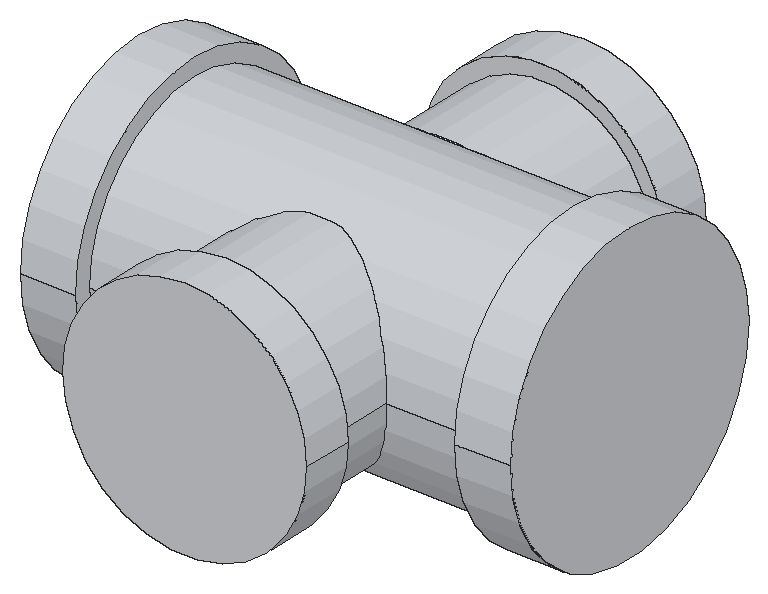
Revit family "M_Redução de cruzamento - Rosqueado - MI - Classe 150", category Conexões de tubo, Revit 2019
Family settings
  Cota do conector redondo = Usar raio
  Tipo de parte = Cruzeta
  Número OmniClass = 23.60.30.11.14
  Título OmniClass = Pipework Fittings
  ID de item do Seek = Cross Reducing - Threaded - MI - Class 150-0000-CAN-ENU
  Com base no plano de trabalho = Não
  Sempre na vertical = Sim
  Corte com vazios quando carregada = Não
  Compartilhado = Não
Parameters (values of type "Padrão")
  Tamanho da marca de cota 4 [instance] = Diâmetro externo da conexão 4 * 0.4  # 10.656 mm
  Tamanho da marca de cota 3 [instance] = Diâmetro externo da conexão 3 * 0.4  # 10.656 mm
  Tamanho da marca de cota 2 [instance] = Diâmetro externo da conexão 2 * 0.4  # 13.12 mm
  Tamanho da marca de cota 1 [instance] = Diâmetro externo da conexão 1 * 0.4  # 13.12 mm
  Raio externo máximo da fita 12 [instance] = if(Raio externo da fita 1 > Raio externo da fita 2, Raio externo da fita 1, Raio externo da fita 2)  # 18.5 mm
  Raio nominal 4 [instance] = 7.5 mm
  Raio nominal 3 [instance] = 7.5 mm
  Raio nominal 2 [instance] = 10 mm
  Raio nominal 1 [instance] = 10 mm
  Diâmetro nominal 4 [instance] = Raio nominal 4 * 2  # 15 mm
  Diâmetro nominal 3 [instance] = Raio nominal 3 * 2  # 15 mm
  Diâmetro nominal 2 [instance] = Raio nominal 2 * 2  # 20 mm
  Diâmetro nominal 1 [instance] = Raio nominal 1 * 2  # 20 mm
  Espessura do Metal 4 [instance] = size_lookup(Nome da tabela de pesquisa, "MThk", 0.04 * Diâmetro nominal 4 + 2.183 mm, Diâmetro nominal 4)  # 2.67 mm
  Espessura do Metal 3 [instance] = size_lookup(Nome da tabela de pesquisa, "MThk", 0.04 * Diâmetro nominal 3 + 2.183 mm, Diâmetro nominal 3)  # 2.67 mm
  Espessura do Metal 2 [instance] = size_lookup(Nome da tabela de pesquisa, "MThk", 0.04 * Diâmetro nominal 2 + 2.183 mm, Diâmetro nominal 2)  # 3.05 mm
  Espessura do Metal 1 [instance] = size_lookup(Nome da tabela de pesquisa, "MThk", 0.04 * Diâmetro nominal 1 + 2.183 mm, Diâmetro nominal 1)  # 3.05 mm
  Método de perda = Não definido
  Nome da tabela de pesquisa = "M_Cross Reducing - Threaded - MI - Class 150"
  Comprimento 2 [instance] = Legenda do comprimento 3 - Largura da fita 4  # 24.7 mm
  Comprimento 1 [instance] = Legenda do comprimento 2 - Largura da fita 3  # 24.7 mm
  Legenda do comprimento 3 [instance] = if(not(Ângulo 2 = 90.00°), if(not(Centro ao final 2 < C4 Comprimento 4), Centro ao final 2, C4 Comprimento 4), Centro ao final 2)  # 31 mm
  Legenda do comprimento 2 [instance] = if(not(Ângulo 1 = 90.00°), if(not(Centro ao final 2 < C3 Comprimento 4), Centro ao final 2, C3 Comprimento 4), Centro ao final 2)  # 31 mm
  Legenda do comprimento 1 [instance] = if(or(not(Ângulo 1 = 90.00°), not(Ângulo 2 = 90.00°)), if(not(Centro ao final 1 < C1 Comprimento 9), Centro ao final 1, C1 Comprimento 9), Centro ao final 1)  # 30.5 mm
  C4 Comprimento 4 [instance] = if(Ângulo 2 < 90.00°, C4 Comprimento 1, if(Ângulo 2 = 90.00°, C4 Comprimento 2, C4 Comprimento 3))  # 37.3 mm
  C4 Comprimento 3 [instance] = if(Ângulo 2 > 90.00°, Raio externo máximo da fita 12 / sin(180.00° - Ângulo 2) + Raio externo da fita 4 / tan(180.00° - Ângulo 2), 0 mm) + Largura da fita 4  # 6.3 mm
  C4 Comprimento 2 [instance] = if(Ângulo 2 = 90.00°, Centro ao final 2, 0 mm) + Largura da fita 4  # 37.3 mm
  C4 Comprimento 1 [instance] = if(Ângulo 2 < 90.00°, Raio externo máximo da fita 12 / sin(Ângulo 2) + Raio externo da fita 4 / tan(Ângulo 2), 0 mm) + Largura da fita 4  # 6.3 mm
  C3 Comprimento 4 [instance] = if(Ângulo 1 < 90.00°, C3 Comprimento 1, if(Ângulo 1 = 90.00°, C3 Comprimento 2, C3 Comprimento 3))  # 37.3 mm
  C3 Comprimento 3 [instance] = if(Ângulo 1 > 90.00°, Raio externo máximo da fita 12 / sin(180.00° - Ângulo 1) + Raio externo da fita 3 / tan(180.00° - Ângulo 1), 0 mm) + Largura da fita 3  # 6.3 mm
  C3 Comprimento 2 [instance] = if(Ângulo 1 = 90.00°, Centro ao final 2, 0 mm) + Largura da fita 3  # 37.3 mm
  C3 Comprimento 1 [instance] = if(Ângulo 1 < 90.00°, Raio externo máximo da fita 12 / sin(Ângulo 1) + Raio externo da fita 3 / tan(Ângulo 1), 0 mm) + Largura da fita 3  # 6.3 mm
  C1 Comprimento 9 [instance] = if(C1 Comprimento 8 > C1 Comprimento 4, C1 Comprimento 8, C1 Comprimento 4)  # 37.4 mm
  C1 Comprimento 8 [instance] = if(Ângulo 2 < 90.00°, C1 Comprimento 5, if(Ângulo 2 = 90.00°, C1 Comprimento 6, C1 Comprimento 7))  # 37.4 mm
  C1 Comprimento 7 [instance] = if(Ângulo 2 > 90.00°, Raio externo máximo da fita 12 / tan(180.00° - Ângulo 2) + Raio externo da fita 4 / sin(180.00° - Ângulo 2), 0 mm) + Largura máxima da fita 12  # 6.9 mm
  C1 Comprimento 6 [instance] = if(Ângulo 2 = 90.00°, Centro ao final 1, 0 mm) + Largura máxima da fita 12  # 37.4 mm
  C1 Comprimento 5 [instance] = if(Ângulo 2 < 90.00°, Raio externo máximo da fita 12 / tan(Ângulo 2) + Raio externo da fita 4 / sin(Ângulo 2), 0 mm) + Largura máxima da fita 12  # 6.9 mm
  C1 Comprimento 4 [instance] = if(Ângulo 1 < 90.00°, C1 Comprimento 1, if(Ângulo 1 = 90.00°, C1 Comprimento 2, C1 Comprimento 3))  # 37.4 mm
  C1 Comprimento 3 [instance] = if(Ângulo 1 > 90.00°, Raio externo máximo da fita 12 / tan(180.00° - Ângulo 1) + Raio externo da fita 3 / sin(180.00° - Ângulo 1), 0 mm) + Largura máxima da fita 12  # 6.9 mm
  C1 Comprimento 2 [instance] = if(Ângulo 1 = 90.00°, Centro ao final 1, 0 mm) + Largura máxima da fita 12  # 37.4 mm
  C1 Comprimento 1 [instance] = if(Ângulo 1 < 90.00°, Raio externo máximo da fita 12 / tan(Ângulo 1) + Raio externo da fita 3 / sin(Ângulo 1), 0 mm) + Largura máxima da fita 12  # 6.9 mm
  Raio externo da conexão 4 [instance] = Diâmetro externo da conexão 4 / 2  # 13.32 mm
  Raio externo da conexão 3 [instance] = Diâmetro externo da conexão 3 / 2  # 13.32 mm
  Raio externo da conexão 2 [instance] = Diâmetro externo da conexão 2 / 2  # 16.4 mm
  Raio externo da conexão 1 [instance] = Diâmetro externo da conexão 1 / 2  # 16.4 mm
  Diâmetro externo da conexão 4 [instance] = Diâmetro interior da conexão 4 + Espessura do Metal 4 * 2  # 26.64 mm
  Diâmetro externo da conexão 3 [instance] = Diâmetro interior da conexão 3 + Espessura do Metal 3 * 2  # 26.64 mm
  Diâmetro externo da conexão 2 [instance] = Diâmetro interno da conexão 2 + Espessura do Metal 2 * 2  # 32.8 mm
  Diâmetro externo da conexão 1 [instance] = Diâmetro interno da conexão 1 + Espessura do Metal 1 * 2  # 32.8 mm
  Diâmetro interior da conexão 4 [instance] = size_lookup(Nome da tabela de pesquisa, "FID", 1.08 * Diâmetro nominal 4 + 5.159 mm, Diâmetro nominal 4)  # 21.3 mm
  Diâmetro interior da conexão 3 [instance] = size_lookup(Nome da tabela de pesquisa, "FID", 1.08 * Diâmetro nominal 3 + 5.159 mm, Diâmetro nominal 3)  # 21.3 mm
  Diâmetro interno da conexão 2 [instance] = size_lookup(Nome da tabela de pesquisa, "FID", 1.08 * Diâmetro nominal 2 + 5.159 mm, Diâmetro nominal 2)  # 26.7 mm
  Diâmetro interno da conexão 1 [instance] = size_lookup(Nome da tabela de pesquisa, "FID", 1.08 * Diâmetro nominal 1 + 5.159 mm, Diâmetro nominal 1)  # 26.7 mm
  Diâmetro nominal máximo 34 [instance] = if(Diâmetro nominal 3 > Diâmetro nominal 4, Diâmetro nominal 3, Diâmetro nominal 4)  # 15 mm
  Diâmetro nominal máximo 12 [instance] = if(Diâmetro nominal 1 > Diâmetro nominal 2, Diâmetro nominal 1, Diâmetro nominal 2)  # 20 mm
  Centro ao final 2 [instance] = size_lookup(Nome da tabela de pesquisa, "CtE2", 18.157 mm + 0.55 * Diâmetro nominal máximo 12 + 0.24 * Diâmetro nominal máximo 34, Diâmetro nominal 1, Diâmetro nominal 2, Diâmetro nominal 3, Diâmetro nominal 4)  # 31 mm
  Centro ao final 1 [instance] = size_lookup(Nome da tabela de pesquisa, "CtE1", 18.157 mm + 0.24 * Diâmetro nominal máximo 12 + 0.55 * Diâmetro nominal máximo 34, Diâmetro nominal 1, Diâmetro nominal 2, Diâmetro nominal 3, Diâmetro nominal 4)  # 30.5 mm
  Largura máxima da fita 12 [instance] = if(Largura da fita 1 > Largura da fita 2, Largura da fita 1, Largura da fita 2)  # 6.9 mm
  Largura da fita 4 [instance] = size_lookup(Nome da tabela de pesquisa, "BWid", 0.12 * Diâmetro nominal 4 + 4.465 mm, Diâmetro nominal 4)  # 6.3 mm
  Largura da fita 3 [instance] = size_lookup(Nome da tabela de pesquisa, "BWid", 0.12 * Diâmetro nominal 3 + 4.465 mm, Diâmetro nominal 3)  # 6.3 mm
  Largura da fita 2 [instance] = size_lookup(Nome da tabela de pesquisa, "BWid", 0.12 * Diâmetro nominal 2 + 4.465 mm, Diâmetro nominal 2)  # 6.9 mm
  Largura da fita 1 [instance] = size_lookup(Nome da tabela de pesquisa, "BWid", 0.12 * Diâmetro nominal 1 + 4.465 mm, Diâmetro nominal 1)  # 6.9 mm
  Raio externo da fita 4 [instance] = Diâmetro externo da fita 4 / 2  # 15.2 mm
  Raio externo da fita 3 [instance] = Diâmetro externo da fita 3 / 2  # 15.2 mm
  Raio externo da fita 2 [instance] = Diâmetro externo da fita 2 / 2  # 18.5 mm
  Raio externo da fita 1 [instance] = Diâmetro externo da fita 1 / 2  # 18.5 mm
  Diâmetro externo da fita 4 [instance] = size_lookup(Nome da tabela de pesquisa, "BOD", 1.23 * Diâmetro nominal 4 + 12.402 mm, Diâmetro nominal 4)  # 30.4 mm
  Diâmetro externo da fita 3 [instance] = size_lookup(Nome da tabela de pesquisa, "BOD", 1.23 * Diâmetro nominal 3 + 12.402 mm, Diâmetro nominal 3)  # 30.4 mm
  Diâmetro externo da fita 2 [instance] = size_lookup(Nome da tabela de pesquisa, "BOD", 1.23 * Diâmetro nominal 2 + 12.402 mm, Diâmetro nominal 2)  # 37 mm
  Diâmetro externo da fita 1 [instance] = size_lookup(Nome da tabela de pesquisa, "BOD", 1.23 * Diâmetro nominal 1 + 12.402 mm, Diâmetro nominal 1)  # 37 mm
  Ângulo 2 [instance] = 90.00°
  Ângulo 1 [instance] = 90.00°
Reference planes
  plane 1 "Centro (Frente/Trás)": y = 0
  plane 2: z = 0
  plane 3 "Centro (Esquerda/Direita)": x = 0
  plane 4: x = -30.5
  plane 5: x = 30.5
  plane 6: x = -23.6
  plane 7: x = 23.6
  plane 8: y = 13.12
  plane 9: y = -13.12
  plane 10: y = 13.12
  plane 11: y = -13.12
Forms (mm)
  Blend 1, solid, detail levels fine
    base sketch origin (0, 0, 0) x (0, 1, 0) y (0, 0, 1)
      loop
        circle (0, 0) r 16.4
    top sketch origin (0, 0, 0) x (0, 1, 0) y (0, 0, 1)
      loop
        circle (0, 0) r 16.4
    from -23.6 to 23.6
  Sweep 2, solid, detail levels fine
    path in 3D
      loop
        line (-30.5, 0, 0) -> (-23.6, 0, 0)
    profile origin (-27.05, 0, 0) x (0, 1, 0) y (0, 0, 1)
      loop
        circle (0, 0) r 18.5
  Sweep 3, solid, detail levels fine
    path in 3D
      loop
        line (23.6, 0, 0) -> (30.5, 0, 0)
    profile origin (27.05, 0, 0) x (0, 1, 0) y (0, 0, 1)
      loop
        circle (0, 0) r 18.5
  Sweep 4, solid, detail levels fine
    path in 3D
      loop
        line (0, 0, 0) -> (0, -24.7, 0)
    profile origin (0, -12.35, 0) x (1, 0, 0) y (0, 0, 1)
      loop
        circle (0, 0) r 13.32
  Sweep 5, solid, detail levels fine
    path in 3D
      loop
        line (0, -24.7, 0) -> (0, -31, 0)
    profile origin (0, -27.85, 0) x (1, 0, 0) y (0, 0, 1)
      loop
        circle (0, 0) r 15.2
  Sweep 6, solid, detail levels fine
    path in 3D
      loop
        line (0, 0, 0) -> (0, 24.7, 0)
    profile origin (0, 12.35, 0) x (-1, 0, 0) y (0, 0, 1)
      loop
        circle (0, 0) r 13.32
  Sweep 7, solid, detail levels fine
    path in 3D
      loop
        line (0, 24.7, 0) -> (0, 31, 0)
    profile origin (0, 27.85, 0) x (-1, 0, 0) y (0, 0, 1)
      loop
        circle (0, 0) r 15.2
Cuts and joins
  joined: Blend 1, Sweep 2, Sweep 3, Sweep 4, Sweep 5, Sweep 6, Sweep 7
Lines and regions (mm)
  model lines, detail levels coarse+medium
    curve 1: line (-30.5, 0, 0) -> (-23.6, 0, 0)
    curve 2: line (23.6, 0, 0) -> (30.5, 0, 0)
    curve 3: line (-23.6, 0, 0) -> (23.6, 0, 0)
    curve 6: line (0, 0, 0) -> (0, -24.7, 0)
    curve 8: line (0, -24.7, 0) -> (0, -31, 0)
    curve 10: line (0, 0, 0) -> (0, 24.7, 0)
    curve 12: line (0, 24.7, 0) -> (0, 31, 0)
    curve 16: line (-30.5, 13.12, 0) -> (-30.5, -13.12, 0)
    curve 17: line (30.5, 13.12, 0) -> (30.5, -13.12, 0)
    curve 18: line (0, -31, 0) -> (10.656, -31, 0)
    curve 19: line (0, -31, 0) -> (-10.656, -31, 0)
    curve 20: line (0, 31, 0) -> (10.656, 31, 0)
    curve 21: line (0, 31, 0) -> (-10.656, 31, 0)
  sketch lines
    curve 4: line (-30.5, 0, 0) -> (-23.6, 0, 0)
    curve 5: line (23.6, 0, 0) -> (30.5, 0, 0)
    curve 7: line (0, 0, 0) -> (0, -24.7, 0)
    curve 9: line (0, -24.7, 0) -> (0, -31, 0)
    curve 11: line (0, 0, 0) -> (0, 24.7, 0)
    curve 13: line (0, 24.7, 0) -> (0, 31, 0)
  reference lines
    curve 14: line (-30.5, 0, 0) -> (-23.6, 0, 0)
    curve 15: line (23.6, 0, 0) -> (30.5, 0, 0)
    curve 22: line (0, 0, 0) -> (0, 31, 0)
    curve 23: line (0, 31, 0) -> (0, 24.7, 0)
    curve 24: line (0, 0, 0) -> (0, -31, 0)
    curve 25: line (0, -31, 0) -> (0, -24.7, 0)
Dimensions and locks
  "Largura da fita 1": plane 4 to plane 6
  "Largura da fita 2": plane 7 to plane 5
  "Legenda do comprimento 1": plane 4 to plane 3 "Centro (Esquerda/Direita)"
  "Legenda do comprimento 1": plane 3 "Centro (Esquerda/Direita)" to plane 5
  "Comprimento 1": curve 6 to curve 6
  "Largura da fita 3": curve 8 to curve 8
  "Comprimento 2": curve 10 to curve 10
  "Largura da fita 4": curve 12 to curve 12
  "Tamanho da marca de cota 3": curve 18 to curve 18
  "Tamanho da marca de cota 3": curve 19 to curve 19
  "Tamanho da marca de cota 4": curve 20 to curve 20
  "Tamanho da marca de cota 4": curve 21 to curve 21
  "Tamanho da marca de cota 2": plane 10 to plane 1 "Centro (Frente/Trás)"
  "Tamanho da marca de cota 2": plane 1 "Centro (Frente/Trás)" to plane 11
  "Tamanho da marca de cota 1": plane 8 to plane 1 "Centro (Frente/Trás)"
  "Tamanho da marca de cota 1": plane 1 "Centro (Frente/Trás)" to plane 9
  "Legenda do comprimento 3": curve 22 to curve 22
  "Legenda do comprimento 2": curve 24 to curve 24
  "Raio externo da conexão 1": radius of Blend 1 sketch curve
  "Raio externo da conexão 2": radius of Blend 1 sketch curve
  "Raio externo da fita 1": radius of Sweep 2 sketch curve
  "Raio externo da fita 2": radius of Sweep 3 sketch curve
  "Raio externo da conexão 3": radius of Sweep 4 sketch curve
  "Raio externo da fita 3": radius of Sweep 5 sketch curve
  "Raio externo da conexão 4": radius of Sweep 6 sketch curve
  "Raio externo da fita 4": radius of Sweep 7 sketch curve
  "Ângulo 1": angle curve 6 to plane 1 "Centro (Frente/Trás)"
  "Ângulo 1": angle curve 8 to plane 1 "Centro (Frente/Trás)"
  "Ângulo 2": angle plane 1 "Centro (Frente/Trás)" to curve 10
  "Ângulo 2": angle plane 1 "Centro (Frente/Trás)" to curve 12
  locked: curve 18 to curve 8 (angle 90.00°)
  locked: curve 8 to curve 19 (angle 90.00°)
  locked: curve 12 to curve 20 (angle 90.00°)
  locked: curve 21 to curve 12 (angle 90.00°)
  "Ângulo 2": angle plane 1 "Centro (Frente/Trás)" to curve 22
  "Ângulo 2": angle plane 1 "Centro (Frente/Trás)" to curve 23
  "Ângulo 1": angle curve 24 to plane 1 "Centro (Frente/Trás)"
  "Ângulo 1": angle curve 25 to plane 1 "Centro (Frente/Trás)"
  aligned and locked: plane 4 to curve 1
  aligned and locked: plane 1 "Centro (Frente/Trás)" to curve 1
  aligned and locked: plane 5 to curve 2
  aligned and locked: plane 6 to curve 3
  aligned and locked: plane 7 to curve 3
  aligned and locked: plane 1 "Centro (Frente/Trás)" to curve 3
  aligned and locked: plane 2 to Blend 1 sketch curve  (x2)
  aligned and locked: plane 1 "Centro (Frente/Trás)" to Blend 1 sketch curve  (x2)
  aligned and locked: Blend 1 to plane 6
  aligned and locked: plane 7 to Blend 1
  aligned and locked: plane 3 "Centro (Esquerda/Direita)" to curve 6
  aligned and locked: plane 1 "Centro (Frente/Trás)" to curve 10
  aligned and locked: plane 3 "Centro (Esquerda/Direita)" to curve 10
  aligned and locked: plane 4 to curve 14
  aligned and locked: plane 1 "Centro (Frente/Trás)" to curve 14
  aligned and locked: plane 5 to curve 15
  aligned and locked: plane 1 "Centro (Frente/Trás)" to curve 15
  aligned and locked: plane 8 to curve 16
  aligned and locked: curve 16 to plane 9
  aligned and locked: curve 16 to plane 4
  aligned and locked: plane 10 to curve 17
  aligned and locked: plane 11 to curve 17
  aligned and locked: curve 17 to plane 5
  aligned and locked: plane 1 "Centro (Frente/Trás)" to curve 24
  aligned and locked: plane 3 "Centro (Esquerda/Direita)" to curve 24
Automatic sketch dimensions
  Sweep 2 sketch curve to profile plane = 0 mm  (x2)
  Sweep 3 sketch curve to profile plane = 0 mm  (x2)
  Sweep 4 sketch curve to profile plane = 0 mm  (x2)
  Sweep 5 sketch curve to profile plane = 0 mm  (x2)
  Sweep 6 sketch curve to profile plane = 0 mm  (x2)
  Sweep 7 sketch curve to profile plane = 0 mm  (x2)
  curve 14 to plane 6 = 0 mm
  curve 15 to plane 7 = 0 mm
Connectors
  piping at (-30.5, 0, 0), diameter 20, driven by "Raio nominal 1"
    settings: on cut or joined group of Blend 1, Sweep 2, Sweep 3, Sweep 4, Sweep 5, Sweep 6, Sweep 7, index 1, connector inside diameter 20 mm, connector length 0 mm, flow factor 0, pipe flow 0.0 L/s, pressure drop 0.0 Pa, fitting loss kfactor 0, connector angle 0.00°, fixture units 0, engagement length 0 mm, angle of deflection 0.00°, flow configuration 0, flow direction 0, fitting loss method 0, system type 28, joint type 0, gender type 0, connector reference index 2, connector utility 0, adjustable connector no, is connector primary yes, connector description ""
  piping at (30.5, 0, 0), diameter 20, driven by "Raio nominal 2"
    settings: on cut or joined group of Blend 1, Sweep 2, Sweep 3, Sweep 4, Sweep 5, Sweep 6, Sweep 7, index 2, connector inside diameter 20 mm, connector length 0 mm, flow factor 0, pipe flow 0.0 L/s, pressure drop 0.0 Pa, fitting loss kfactor 0, connector angle 0.00°, fixture units 0, engagement length 0 mm, angle of deflection 0.00°, flow configuration 0, flow direction 0, fitting loss method 0, system type 28, joint type 0, gender type 0, connector reference index 1, connector utility 0, adjustable connector no, is connector primary no, connector description ""
  piping at (0, -31, 0), diameter 15, driven by "Raio nominal 3", driven by "Ângulo 1"
    settings: on cut or joined group of Blend 1, Sweep 2, Sweep 3, Sweep 4, Sweep 5, Sweep 6, Sweep 7, index 3, connector inside diameter 15 mm, connector length 0 mm, flow factor 0, pipe flow 0.0 L/s, pressure drop 0.0 Pa, fitting loss kfactor 0, connector angle 90.00°, fixture units 0, engagement length 0 mm, angle of deflection 0.00°, flow configuration 0, flow direction 0, fitting loss method 0, system type 28, joint type 0, gender type 0, connector reference index 4, connector utility 0, adjustable connector no, is connector primary no, connector description ""
  piping at (0, 31, 0), diameter 15, driven by "Raio nominal 4", driven by "Ângulo 2"
    settings: on cut or joined group of Blend 1, Sweep 2, Sweep 3, Sweep 4, Sweep 5, Sweep 6, Sweep 7, index 4, connector inside diameter 15 mm, connector length 0 mm, flow factor 0, pipe flow 0.0 L/s, pressure drop 0.0 Pa, fitting loss kfactor 0, connector angle 90.00°, fixture units 0, engagement length 0 mm, angle of deflection 0.00°, flow configuration 0, flow direction 0, fitting loss method 0, system type 28, joint type 0, gender type 0, connector reference index 3, connector utility 0, adjustable connector no, is connector primary no, connector description ""
